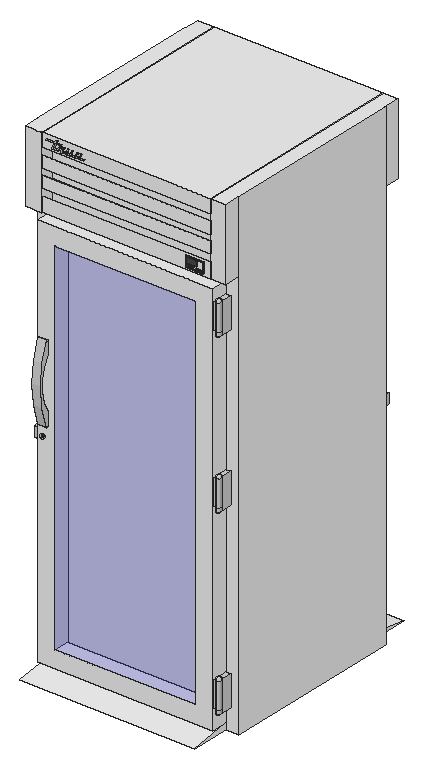
Revit family
Parameters
  Weight in Pounds = 0
  Watts = Volts * FL Amps  # 1023.5 W
  Volts = 115 V
  URL Cutsheet = "www.truemfg.com"
  URL = "www.truemfg.com"
  Type Mark [instance] = ""
  Type Comments = ""
  Status [instance] = ""
  Specification by User [instance] = ""
  Specification by Manufacturer = ""
  Show Logo [instance] = yes
  Show Clearance [instance] = yes
  Serial Number = ""
  Seismic Rating = ""
  SMACNA No = ""
  Revision Code [instance] = ""
  Phase = 1
  Omniclass Number and Title = ""
  Number of Poles [instance] = 1
  NAFEM Spec ID Number = ""
  Model = "STA1RRT-1G-1S"
  Min Ckt Ampacity = 0 A
  Max Overcurrent Protection = 0 A
  Masterspec = ""
  Manufacturer = "TRUE FOOD SERVICE EQUIPMENT, INC."
  Length = 35"
  Item Number [instance] = ""
  Installed By [instance] = ""
  Identify Quantity as Lot [instance] = yes
  Height = 83 3/4"
  HP = "1/3"
  Furnished By [instance] = ""
  Foodservice Equipment Identifier [instance] = yes
  FL Amps = 8.9 A
  Electrical Remarks [instance] = ""
  Electric Connection Type [instance] = ""
  Elec Conn RI Height [instance] = 0"
  Elec Conn Connection Height [instance] = 0"
  Description = "Roll-thru Glass Front/Solid Rear Swing Door Refrigerator"
  Depth = 37 1/2"
  Cycle = 60 Hz
  Conn Plug = "5-15P"
  Conn Conduit = yes
  CSI MasterFormat = ""
  CSI Master Format = ""
  Apparent Power = if(Phase = 3, Volts * FL Amps * 1.73, Volts * FL Amps)  # 1023.5 VA
Reference planes (in)
  plane 1 "BACK": y = 0
  plane 2: z = 0
  plane 3 "LEFT": x = 0
  plane 4 "RIGHT": x = 35
  plane 5 "FRONT": y = -37.5
  plane 6 "TOP": z = 83.75
  plane 7: x = 2.84375
  plane 8: y = -37.4542
  plane 9: x = 32.15625
  plane 10: y = -0.0458
  plane 11: y = -18.75
  plane 12: z = 69.90625
Forms (in)
  Extrusion 1, solid, material "QF_Finishes_Chrome - Satin"
    sketch origin (0.05, 0, 0) x (1, 0, 0) y (0, 1, 0)
      loop
        line (-0.05, -2.75) -> (-0.05, -34.75) -> (2.87859, -34.75) -> (2.87859, -2.75) -> (-0.05, -2.75)
    from 0 to 83.75
  Extrusion 2, solid, material "QF_Finishes_Chrome - Satin"
    sketch origin (50.15, 0, 0) x (1, 0, 0) y (0, 1, 0)
      loop
        line (-17.85, -2.75) -> (-17.85, -34.75) -> (-15.15, -34.75) -> (-15.15, -2.75) -> (-17.85, -2.75)
    from 0 to 83.75
  Extrusion 3, solid, material "QF_Finishes_Chrome - Satin"
    sketch origin (0, 0, 0) x (0, 1, 0) y (0, 0, 1)
      loop
        line (-37.4542, 71.28125) -> (-34.75, 71.28125) -> (-34.75, 0) -> (-2.75, 0) -> (-2.75, 71.28125) -> (-0.0458, 71.28125) -> (-0.0458, 73.81726) -> (-2.25, 72.25) -> (-2.25, 73.52557) -> (-0.0458, 75.09284) -> (-0.0458, 77.18904) -> (-2.25, 75.62178) -> (-2.25, 76.58254) -> (-0.0458, 78.1498) -> (-0.0458, 80.28351) -> (-2.25, 78.71625) -> (-2.25, 79.83852) -> (-0.0458, 81.40578) -> (-0.0458, 83.75) -> (-37.4542, 83.75) -> (-37.4542, 81.40578) -> (-35.25, 79.83852) -> (-35.25, 78.71625) -> (-37.4542, 80.28351) -> (-37.4542, 78.1498) -> (-35.25, 76.58254) -> (-35.25, 75.62178) -> (-37.4542, 77.18904) -> (-37.4542, 75.09284) -> (-35.25, 73.52557) -> (-35.25, 72.25) -> (-37.4542, 73.81726) -> (-37.4542, 71.28125)
    from 2.92859 to 32.3
  Extrusion 4, solid, material "QF_Finishes_Chrome - Satin"
    sketch origin (0, 0, 0) x (1, 0, 0) y (0, 1, 0)
      loop
        line (34.84782, -34.75) -> (32.3, -34.75) -> (32.3, -37.5) -> (34.84782, -37.5) -> (34.84782, -34.75)
      loop
        line (34.84782, -2.75) -> (34.84782, 0) -> (32.3, 0) -> (32.3, -2.75) -> (34.84782, -2.75)
    from 71.28125 to 83.75
  Extrusion 5, solid, material "QF_Finishes_Chrome - Satin"
    sketch origin (-50.125, 0, 0.25) x (1, 0, 0) y (0, 1, 0)
      loop
        line (53.05359, -34.75) -> (50.24109, -34.75) -> (50.24109, -37.5) -> (53.05359, -37.5) -> (53.05359, -34.75)
      loop
        line (53.05359, -2.75) -> (53.05359, 0) -> (50.24109, 0) -> (50.24109, -2.75) -> (53.05359, -2.75)
    from 71.03125 to 83.5
  Extrusion 6, solid, material "QF_Finishes_Handrails and Railings", visible <- "Show Logo"
    sketch origin (0.33478, -2.68623, 4.98732) x (1, 0, 0) y (0, 0, 1)
      loop
        line (3.46044, 78.08731) -> (3.35478, 77.86073) -> (4.76027, 77.86073)
        arc (4.76027, 77.86073) -> (4.78879, 77.81028) -> (4.76027, 77.75984) r 0.05887
        line (4.76027, 77.75984) -> (4.39369, 76.97372)
        arc (4.39369, 76.97372) -> (4.39051, 76.90091) -> (4.43975, 76.84717) r 0.09523
        line (4.43975, 76.84717) -> (5.33844, 76.84717)
        arc (5.33844, 76.84717) -> (5.45192, 76.88295) -> (5.52436, 76.97735) r 0.19785
        line (5.52436, 76.97735) -> (5.81285, 77.59601) -> (6.0779, 77.59601)
        arc (6.0779, 77.59601) -> (6.14744, 77.57043) -> (6.13737, 77.49703) r 0.05911
        line (6.13737, 77.49703) -> (5.89598, 76.97937)
        arc (5.89598, 76.97937) -> (5.89974, 76.8934) -> (5.97231, 76.84717) r 0.09318
        line (5.97231, 76.84717) -> (6.76198, 76.84717)
        arc (6.76198, 76.84717) -> (6.82249, 76.86919) -> (6.85468, 76.92495) r 0.09412
        arc (6.85468, 76.92495) -> (6.87746, 76.86995) -> (6.93246, 76.84717) r 0.07778
        line (6.93246, 76.84717) -> (7.43246, 76.84717)
        arc (7.43246, 76.84717) -> (7.49022, 76.86265) -> (7.53251, 76.90493) r 0.11552
        arc (7.53251, 76.90493) -> (7.55275, 76.85606) -> (7.60162, 76.83581) r 0.06912
        line (7.60162, 76.83581) -> (8.31225, 76.83581)
        arc (8.31225, 76.83581) -> (8.37034, 76.85988) -> (8.39441, 76.91797) r 0.08216
        arc (8.39441, 76.91797) -> (8.44767, 76.86472) -> (8.52042, 76.84522) r 0.14551
        line (8.52042, 76.84522) -> (9.85158, 76.84522) -> (9.99946, 77.10134) -> (8.65678, 77.10134)
        arc (8.65678, 77.10134) -> (8.61972, 77.12704) -> (8.61834, 77.17211) r 0.05009
        line (8.61834, 77.17211) -> (8.64157, 77.22192)
        arc (8.64157, 77.22192) -> (8.67723, 77.26864) -> (8.73327, 77.28635) r 0.09747
        line (8.73327, 77.28635) -> (9.16485, 77.28635)
        arc (9.16485, 77.28635) -> (9.258, 77.31131) -> (9.32619, 77.3795) r 0.1863
        line (9.32619, 77.3795) -> (9.45119, 77.59601)
        arc (9.45119, 77.59601) -> (9.45119, 77.71157) -> (9.35111, 77.76934) r 0.11556
        line (9.35111, 77.76934) -> (8.89562, 77.76934)
        arc (8.89562, 77.76934) -> (8.7795, 77.74962) -> (8.69849, 77.66412) r 0.18605
        line (8.69849, 77.66412) -> (8.48204, 77.19993)
        arc (8.48204, 77.19993) -> (8.41815, 77.11667) -> (8.31806, 77.08511) r 0.1745
        line (8.31806, 77.08511) -> (7.84559, 77.08511)
        arc (7.84559, 77.08511) -> (7.78903, 77.14684) -> (7.79268, 77.23048) r 0.10939
        line (7.79268, 77.23048) -> (8.04395, 77.76934) -> (7.88403, 77.76934) -> (7.61781, 77.19844)
        arc (7.61781, 77.19844) -> (7.56609, 77.13103) -> (7.48505, 77.10548) r 0.14128
        line (7.48505, 77.10548) -> (7.15925, 77.10548)
        arc (7.15925, 77.10548) -> (7.10419, 77.17723) -> (7.116, 77.26689) r 0.11816
        line (7.116, 77.26689) -> (7.3503, 77.76934) -> (7.18514, 77.76934) -> (6.91546, 77.191)
        arc (6.91546, 77.191) -> (6.85285, 77.12839) -> (6.76733, 77.10548) r 0.17104
        line (6.76733, 77.10548) -> (6.29555, 77.10548)
        arc (6.29555, 77.10548) -> (6.21082, 77.14499) -> (6.20267, 77.23813) r 0.0935
        line (6.20267, 77.23813) -> (6.35774, 77.57069) -> (6.57695, 77.57069)
        arc (6.57695, 77.57069) -> (6.61395, 77.68217) -> (6.69267, 77.76934) r 0.2857
        line (6.69267, 77.76934) -> (5.83605, 77.76934)
        arc (5.83605, 77.76934) -> (5.74086, 77.74824) -> (5.67498, 77.67635) r 0.16212
        line (5.67498, 77.67635) -> (5.44279, 77.17841)
        arc (5.44279, 77.17841) -> (5.3894, 77.12502) -> (5.31647, 77.10548) r 0.14586
        line (5.31647, 77.10548) -> (4.80506, 77.10548)
        arc (4.80506, 77.10548) -> (4.76514, 77.15942) -> (4.77274, 77.22609) r 0.09155
        line (4.77274, 77.22609) -> (5.11018, 77.86073) -> (5.96155, 77.86073) -> (6.06721, 78.08731) -> (5.21584, 78.08731) -> (5.32149, 78.31388) -> (5.01862, 78.31388) -> (4.91297, 78.08731) -> (3.46044, 78.08731)
      loop
        arc (8.83805, 77.56363) -> (8.80119, 77.55375) -> (8.7742, 77.52676) r 0.07373
        line (8.7742, 77.52676) -> (8.75229, 77.45936)
        arc (8.75229, 77.45936) -> (8.76245, 77.43483) -> (8.78699, 77.42466) r 0.0347
        line (8.78699, 77.42466) -> (9.15948, 77.42466)
        arc (9.15948, 77.42466) -> (9.18632, 77.43061) -> (9.20812, 77.44734) r 0.0635
        line (9.20812, 77.44734) -> (9.22624, 77.53122)
        arc (9.22624, 77.53122) -> (9.22091, 77.55368) -> (9.20009, 77.56363) r 0.02676
        line (9.20009, 77.56363) -> (8.83805, 77.56363)
    from 34.76797 to 34.83173
  Extrusion 7, solid, material "QF_Finishes_White"
    sketch origin (-22.74812, -2.7042, -7.97497) x (1, 0, 0) y (0, 0, 1)
      loop
        line (50.81732, 81.35727) -> (50.81732, 79.60996) -> (53.72357, 79.60996) -> (53.72357, 81.35727) -> (50.81732, 81.35727)
    from 34.75 to 34.76797
  Extrusion 8, solid, material "QF_Finishes_Black"
    sketch origin (-22.74812, -2.7042, -7.97497) x (1, 0, 0) y (0, 0, 1)
      loop
        line (53.78607, 81.41977) -> (50.75482, 81.41977) -> (50.75482, 79.54746) -> (53.78607, 79.54746) -> (53.78607, 81.41977)
      loop
        spline (50.95482, 79.87872) -> (50.96333, 79.86254) -> (50.98831, 79.84747) -> (51.02804, 79.83452) -> (51.07982, 79.82459) -> (51.14011, 79.81835) -> (51.20482, 79.81622) -> (51.26952, 79.81835) -> (51.32982, 79.82459) -> (51.38159, 79.83452) -> (51.42132, 79.84747) -> (51.4463, 79.86254) -> (51.45482, 79.87872)
        spline (51.45482, 79.87872) -> (51.4463, 79.89489) -> (51.42132, 79.90997) -> (51.38159, 79.92291) -> (51.32982, 79.93284) -> (51.26952, 79.93909) -> (51.20482, 79.94122) -> (51.14011, 79.93909) -> (51.07982, 79.93284) -> (51.02804, 79.92291) -> (50.98831, 79.90997) -> (50.96333, 79.89489) -> (50.95482, 79.87872)
      loop
        spline (51.65083, 79.87872) -> (51.65935, 79.86254) -> (51.68432, 79.84747) -> (51.72405, 79.83452) -> (51.77583, 79.82459) -> (51.83612, 79.81835) -> (51.90083, 79.81622) -> (51.96553, 79.81835) -> (52.02583, 79.82459) -> (52.07761, 79.83452) -> (52.11734, 79.84747) -> (52.14231, 79.86254) -> (52.15083, 79.87872)
        spline (52.15083, 79.87872) -> (52.14231, 79.89489) -> (52.11734, 79.90997) -> (52.07761, 79.92291) -> (52.02583, 79.93284) -> (51.96553, 79.93909) -> (51.90083, 79.94122) -> (51.83612, 79.93909) -> (51.77583, 79.93284) -> (51.72405, 79.92291) -> (51.68432, 79.90997) -> (51.65935, 79.89489) -> (51.65083, 79.87872)
      loop
        spline (52.40083, 79.87872) -> (52.40935, 79.86254) -> (52.43432, 79.84747) -> (52.47405, 79.83452) -> (52.52583, 79.82459) -> (52.58612, 79.81835) -> (52.65083, 79.81622) -> (52.71553, 79.81835) -> (52.77583, 79.82459) -> (52.82761, 79.83452) -> (52.86734, 79.84747) -> (52.89231, 79.86254) -> (52.90083, 79.87872)
        spline (52.90083, 79.87872) -> (52.89231, 79.89489) -> (52.86734, 79.90997) -> (52.82761, 79.92291) -> (52.77583, 79.93284) -> (52.71553, 79.93909) -> (52.65083, 79.94122) -> (52.58612, 79.93909) -> (52.52583, 79.93284) -> (52.47405, 79.92291) -> (52.43432, 79.90997) -> (52.40935, 79.89489) -> (52.40083, 79.87872)
      loop
        line (50.95481, 81.21978) -> (50.95481, 80.21978) -> (52.65433, 80.21978) -> (52.65433, 81.21978) -> (50.95481, 81.21978)
      loop
        line (53.72357, 81.35727) -> (50.81732, 81.35727) -> (50.81732, 79.60996) -> (53.72357, 79.60996) -> (53.72357, 81.35727)
      loop
        spline (53.15083, 79.87872) -> (53.15935, 79.86254) -> (53.18432, 79.84747) -> (53.22405, 79.83452) -> (53.27583, 79.82459) -> (53.33612, 79.81835) -> (53.40083, 79.81622) -> (53.46553, 79.81835) -> (53.52583, 79.82459) -> (53.57761, 79.83452) -> (53.61734, 79.84747) -> (53.64231, 79.86254) -> (53.65083, 79.87872)
        spline (53.65083, 79.87872) -> (53.64231, 79.89489) -> (53.61734, 79.90997) -> (53.57761, 79.92291) -> (53.52583, 79.93284) -> (53.46553, 79.93909) -> (53.40083, 79.94122) -> (53.33612, 79.93909) -> (53.27583, 79.93284) -> (53.22405, 79.92291) -> (53.18432, 79.90997) -> (53.15935, 79.89489) -> (53.15083, 79.87872)
    from 34.76797 to 34.80335
  Extrusion 9, solid
    sketch origin (-25.125, 0, 0) x (1, 0, 0) y (0, 0, 1)
      loop
        circle (56.875, 81.625) r 0.25
    from 0 to 0.0625
  Extrusion 10, solid, material "QF_Finishes_Handrails and Railings"
    sketch origin (33.78125, 0, 3.75) x (0, 1, 0) y (0, 0, -1)
      loop
        line (-34.75, -64.17729) -> (-34.75, -58.86127) -> (-37, -58.86127) -> (-37, -59.57348) -> (-36.56497, -59.57348) -> (-36.56497, -63.97276)
        arc (-36.56497, -63.97276) -> (-36.50506, -64.11738) -> (-36.36044, -64.17729) r 0.20453
        line (-36.36044, -64.17729) -> (-34.75, -64.17729)
    from 0.17506 to 1
  Revolve 11, solid, material "QF_Finishes_Handrails and Railings"
    sketch origin (33.28125, 0, 3.75) x (0, 1, 0) y (0, 0, -1)
      loop
        line (-37.01563, -59.62689) -> (-37.42229, -59.62689) -> (-37.42229, -64.0986)
        arc (-37.42229, -64.0986) -> (-37.28722, -64.35057) -> (-37.01563, -64.43983) r 0.3848
        line (-37.01563, -64.43983) -> (-37.01563, -59.62689)
      loop
        line (-37.01563, -59.57348) -> (-37.01563, -58.67281)
        arc (-37.01563, -58.67281) -> (-37.28264, -58.75883) -> (-37.42229, -59.00212) r 0.38884
        line (-37.42229, -59.00212) -> (-37.42229, -59.57348) -> (-37.01563, -59.57348)
      axis (-37.01563, -58.67281) -> (-37.01563, -64.43983)
    angle from 0 to 360
  Extrusion 12, solid, material "QF_Finishes_Handrails and Railings"
    sketch origin (27.5, -3.82734, 3.7511) x (-1, 0, 0) y (0, 0, -1)
      loop
        line (-5.58509, -64.0986) -> (-5.1875, -64.0986) -> (-5.1875, -59.62579) -> (-5.58509, -59.62579) -> (-5.58509, -64.0986)
    from 32.81497 to 33.59495
  Extrusion 13, solid, material "QF_Finishes_Handrails and Railings"
    sketch origin (33.78125, 0, -24) x (0, 1, 0) y (0, 0, -1)
      loop
        line (-34.75, -64.55229) -> (-34.75, -59.23627) -> (-37, -59.23627) -> (-37, -59.94848) -> (-36.56497, -59.94848) -> (-36.56497, -64.34776)
        arc (-36.56497, -64.34776) -> (-36.50506, -64.49238) -> (-36.36044, -64.55229) r 0.20453
        line (-36.36044, -64.55229) -> (-34.75, -64.55229)
    from 0.17506 to 1
  Revolve 14, solid, material "QF_Finishes_Handrails and Railings"
    sketch origin (33.28125, 0, -24) x (0, 1, 0) y (0, 0, -1)
      loop
        line (-37.01563, -60.00189) -> (-37.42229, -60.00189) -> (-37.42229, -64.4736)
        arc (-37.42229, -64.4736) -> (-37.28722, -64.72557) -> (-37.01563, -64.81483) r 0.3848
        line (-37.01563, -64.81483) -> (-37.01563, -60.00189)
      loop
        line (-37.01563, -59.94848) -> (-37.01563, -59.04781)
        arc (-37.01563, -59.04781) -> (-37.28264, -59.13383) -> (-37.42229, -59.37712) r 0.38884
        line (-37.42229, -59.37712) -> (-37.42229, -59.94848) -> (-37.01563, -59.94848)
      axis (-37.01563, -59.04781) -> (-37.01563, -64.81483)
    angle from 0 to 360
  Extrusion 15, solid, material "QF_Finishes_Handrails and Railings"
    sketch origin (27.5, -3.82734, -23.9989) x (-1, 0, 0) y (0, 0, -1)
      loop
        line (-5.58509, -64.4736) -> (-5.1875, -64.4736) -> (-5.1875, -60.00079) -> (-5.58509, -60.00079) -> (-5.58509, -64.4736)
    from 32.81497 to 33.59495
  Extrusion 16, solid, material "QF_Finishes_Handrails and Railings"
    sketch origin (33.78125, 0, -55.5) x (0, 1, 0) y (0, 0, -1)
      loop
        line (-34.75, -64.55229) -> (-34.75, -59.23627) -> (-37, -59.23627) -> (-37, -59.94848) -> (-36.56497, -59.94848) -> (-36.56497, -64.34776)
        arc (-36.56497, -64.34776) -> (-36.50506, -64.49238) -> (-36.36044, -64.55229) r 0.20453
        line (-36.36044, -64.55229) -> (-34.75, -64.55229)
    from 0.17506 to 1
  Revolve 17, solid, material "QF_Finishes_Handrails and Railings"
    sketch origin (33.28125, 0, -55.5) x (0, 1, 0) y (0, 0, -1)
      loop
        line (-37.01563, -60.00189) -> (-37.42229, -60.00189) -> (-37.42229, -64.4736)
        arc (-37.42229, -64.4736) -> (-37.28722, -64.72557) -> (-37.01563, -64.81483) r 0.3848
        line (-37.01563, -64.81483) -> (-37.01563, -60.00189)
      loop
        line (-37.01563, -59.94848) -> (-37.01563, -59.04781)
        arc (-37.01563, -59.04781) -> (-37.28264, -59.13383) -> (-37.42229, -59.37712) r 0.38884
        line (-37.42229, -59.37712) -> (-37.42229, -59.94848) -> (-37.01563, -59.94848)
      axis (-37.01563, -59.04781) -> (-37.01563, -64.81483)
    angle from 0 to 360
  Extrusion 18, solid, material "QF_Finishes_Handrails and Railings"
    sketch origin (27.5, -3.82734, -55.4989) x (-1, 0, 0) y (0, 0, -1)
      loop
        line (-5.58509, -64.4736) -> (-5.1875, -64.4736) -> (-5.1875, -60.00079) -> (-5.58509, -60.00079) -> (-5.58509, -64.4736)
    from 32.81497 to 33.59495
  Extrusion 19, solid, material "QF_Finishes_Door Clearance", visible <- "Show Clearance", detail levels coarse
    sketch origin (26.42841, -3.6098, 0) x (1, 0, 0) y (0, 1, 0)
      loop
        line (6.32159, -33.8902) -> (-24.14716, -33.8902)
        arc (-24.14716, -33.8902) -> (-15.22307, -55.43486) -> (6.32159, -64.35895) r 30.46875
        line (6.32159, -64.35895) -> (6.32159, -33.8902)
    from 1 to 69.90625
  Extrusion 20, solid, material "QF_Finishes_Chrome - Satin"
    sketch origin (32.6875, -3.75, 8.03125) x (0, 0, 1) y (0, -1, 0)
      loop
        line (-8.03125, 37.6875) -> (-8.03125, 31) -> (-7.03125, 31) -> (-8.03125, 37.6875)
    from 0 to -30.40625
  Extrusion 21, solid, material "QF_Finishes_Chrome - Satin"
    sketch origin (59.96875, -33.75, -0.71875) x (-1, 0, 0) y (0, 0, 1)
      loop
        line (27.25, 1.71875) -> (57.65625, 1.71875) -> (57.65625, 70.625) -> (27.25, 70.625) -> (27.25, 1.71875)
    from 31 to 33.75
  Extrusion 22, solid, material "QF_Finishes_Handrails and Railings"
    sketch origin (-23.625, -37.25, 24.93519) x (-1, 0, 0) y (0, -1, 0)
      loop
        line (-53.875, -37.25) -> (-53.875, -37.45)
        arc (-53.875, -37.45) -> (-47.075, -38.65628) -> (-40.275, -37.45) r 19.76948
        line (-40.275, -37.45) -> (-40.275, -37.25) -> (-42.675, -37.25)
        arc (-42.675, -37.25) -> (-47.075, -38.40816) -> (-51.475, -37.25) r 8.93715
        line (-51.475, -37.25) -> (-53.875, -37.25)
    from 10.87731 to 12.37731
  Extrusion 23, solid, material "QF_Finishes_Handrails and Railings"
    sketch origin (58.375, -33.66533, -3.5) x (-1, 0, 0) y (0, 0, 1)
      loop
        circle (26.4375, 40.0625) r 0.35
      loop
        line (26.47265, 40.33635) -> (26.41715, 40.33635) -> (26.41715, 39.76895) -> (26.47265, 39.76895) -> (26.47265, 40.33635)
    from 33.5 to 33.83066
  Blend 24, solid, material "QF_Finishes_Handrails and Railings"
    base sketch origin (7.46875, -33.75, -1.5) x (1, 0, 0) y (0, 0, -1)
      loop
        line (25.25, -38.99169) -> (26, -38.99169) -> (26, -37.24169) -> (25.25, -37.24169) -> (25.25, -38.99169)
    top sketch origin (7.46875, -37.5, -1.5) x (1, 0, 0) y (0, 0, -1)
      loop
        line (26.18223, -36.6441) -> (25.25, -36.6441) -> (25.25, -39.42643) -> (26.18223, -39.42643) -> (26.18223, -36.6441)
    from 33.57883 to 34.75
  Extrusion 25, solid, material "QF_Finishes_Handrails and Railings"
    sketch origin (1.21875, -37.5, 3.75) x (0, -1, 0) y (0, 0, -1)
      loop
        line (-34.75, -64.17729) -> (-34.75, -58.86127) -> (-37, -58.86127) -> (-37, -59.57348) -> (-36.56497, -59.57348) -> (-36.56497, -63.97276)
        arc (-36.56497, -63.97276) -> (-36.50506, -64.11738) -> (-36.36044, -64.17729) r 0.20453
        line (-36.36044, -64.17729) -> (-34.75, -64.17729)
    from 0.17506 to 1
  Revolve 26, solid, material "QF_Finishes_Handrails and Railings"
    sketch origin (1.71875, -37.5, 3.75) x (0, -1, 0) y (0, 0, -1)
      loop
        line (-37.01563, -59.62689) -> (-37.42229, -59.62689) -> (-37.42229, -64.0986)
        arc (-37.42229, -64.0986) -> (-37.28722, -64.35057) -> (-37.01563, -64.43983) r 0.3848
        line (-37.01563, -64.43983) -> (-37.01563, -59.62689)
      loop
        line (-37.01563, -59.57348) -> (-37.01563, -58.67281)
        arc (-37.01563, -58.67281) -> (-37.28264, -58.75883) -> (-37.42229, -59.00212) r 0.38884
        line (-37.42229, -59.00212) -> (-37.42229, -59.57348) -> (-37.01563, -59.57348)
      axis (-37.01563, -58.67281) -> (-37.01563, -64.43983)
    angle from 0 to 360
  Extrusion 27, solid, material "QF_Finishes_Handrails and Railings"
    sketch origin (7.5, -33.67266, 3.7511) x (1, 0, 0) y (0, 0, -1)
      loop
        line (-5.58509, -64.0986) -> (-5.1875, -64.0986) -> (-5.1875, -59.62579) -> (-5.58509, -59.62579) -> (-5.58509, -64.0986)
    from 32.81497 to 33.59495
  Extrusion 28, solid, material "QF_Finishes_Handrails and Railings"
    sketch origin (1.21875, -37.5, -24) x (0, -1, 0) y (0, 0, -1)
      loop
        line (-34.75, -64.55229) -> (-34.75, -59.23627) -> (-37, -59.23627) -> (-37, -59.94848) -> (-36.56497, -59.94848) -> (-36.56497, -64.34776)
        arc (-36.56497, -64.34776) -> (-36.50506, -64.49238) -> (-36.36044, -64.55229) r 0.20453
        line (-36.36044, -64.55229) -> (-34.75, -64.55229)
    from 0.17506 to 1
  Revolve 29, solid, material "QF_Finishes_Handrails and Railings"
    sketch origin (1.71875, -37.5, -24) x (0, -1, 0) y (0, 0, -1)
      loop
        line (-37.01563, -60.00189) -> (-37.42229, -60.00189) -> (-37.42229, -64.4736)
        arc (-37.42229, -64.4736) -> (-37.28722, -64.72557) -> (-37.01563, -64.81483) r 0.3848
        line (-37.01563, -64.81483) -> (-37.01563, -60.00189)
      loop
        line (-37.01563, -59.94848) -> (-37.01563, -59.04781)
        arc (-37.01563, -59.04781) -> (-37.28264, -59.13383) -> (-37.42229, -59.37712) r 0.38884
        line (-37.42229, -59.37712) -> (-37.42229, -59.94848) -> (-37.01563, -59.94848)
      axis (-37.01563, -59.04781) -> (-37.01563, -64.81483)
    angle from 0 to 360
  Extrusion 30, solid, material "QF_Finishes_Handrails and Railings"
    sketch origin (7.5, -33.67266, -23.9989) x (1, 0, 0) y (0, 0, -1)
      loop
        line (-5.58509, -64.4736) -> (-5.1875, -64.4736) -> (-5.1875, -60.00079) -> (-5.58509, -60.00079) -> (-5.58509, -64.4736)
    from 32.81497 to 33.59495
  Extrusion 31, solid, material "QF_Finishes_Handrails and Railings"
    sketch origin (1.21875, -37.5, -55.5) x (0, -1, 0) y (0, 0, -1)
      loop
        line (-34.75, -64.55229) -> (-34.75, -59.23627) -> (-37, -59.23627) -> (-37, -59.94848) -> (-36.56497, -59.94848) -> (-36.56497, -64.34776)
        arc (-36.56497, -64.34776) -> (-36.50506, -64.49238) -> (-36.36044, -64.55229) r 0.20453
        line (-36.36044, -64.55229) -> (-34.75, -64.55229)
    from 0.17506 to 1
  Revolve 32, solid, material "QF_Finishes_Handrails and Railings"
    sketch origin (1.71875, -37.5, -55.5) x (0, -1, 0) y (0, 0, -1)
      loop
        line (-37.01563, -60.00189) -> (-37.42229, -60.00189) -> (-37.42229, -64.4736)
        arc (-37.42229, -64.4736) -> (-37.28722, -64.72557) -> (-37.01563, -64.81483) r 0.3848
        line (-37.01563, -64.81483) -> (-37.01563, -60.00189)
      loop
        line (-37.01563, -59.94848) -> (-37.01563, -59.04781)
        arc (-37.01563, -59.04781) -> (-37.28264, -59.13383) -> (-37.42229, -59.37712) r 0.38884
        line (-37.42229, -59.37712) -> (-37.42229, -59.94848) -> (-37.01563, -59.94848)
      axis (-37.01563, -59.04781) -> (-37.01563, -64.81483)
    angle from 0 to 360
  Extrusion 33, solid, material "QF_Finishes_Handrails and Railings"
    sketch origin (7.5, -33.67266, -55.4989) x (1, 0, 0) y (0, 0, -1)
      loop
        line (-5.58509, -64.4736) -> (-5.1875, -64.4736) -> (-5.1875, -60.00079) -> (-5.58509, -60.00079) -> (-5.58509, -64.4736)
    from 32.81497 to 33.59495
  Extrusion 34, solid, material "QF_Finishes_Door Clearance", visible <- "Show Clearance", detail levels coarse
    sketch origin (8.57159, -33.8902, 0) x (-1, 0, 0) y (0, -1, 0)
      loop
        line (6.32159, -33.8902) -> (-24.14716, -33.8902)
        arc (-24.14716, -33.8902) -> (-15.22307, -55.43486) -> (6.32159, -64.35895) r 30.46875
        line (6.32159, -64.35895) -> (6.32159, -33.8902)
    from 1 to 69.90625
  Extrusion 35, solid, material "QF_Finishes_Chrome - Satin"
    sketch origin (2.3125, -33.75, 8.03125) x (0, 0, 1) y (0, 1, 0)
      loop
        line (-8.03125, 37.6875) -> (-8.03125, 31) -> (-7.03125, 31) -> (-8.03125, 37.6875)
    from 0 to -30.40625
  Extrusion 36, solid, material "QF_Finishes_Chrome - Satin"
    sketch origin (-24.96875, -3.75, -0.71875) x (1, 0, 0) y (0, 0, 1)
      loop
        line (27.25, 1.71875) -> (57.65625, 1.71875) -> (57.65625, 70.625) -> (27.25, 70.625) -> (27.25, 1.71875)
      loop
        line (30.25, 67.625) -> (30.25, 4.71875) -> (54.65625, 4.71875) -> (54.65625, 67.625) -> (30.25, 67.625)
    from 31 to 33.75
  Extrusion 37, solid, material "QF_Finishes_Handrails and Railings"
    sketch origin (-8.46528, -0.25, 92.11162) x (0, 1, 0) y (0, 0, 1)
      loop
        line (-37.25, -53.875) -> (-37.25, -51.475)
        arc (-37.25, -51.475) -> (-38.40816, -47.075) -> (-37.25, -42.675) r 8.93713
        line (-37.25, -42.675) -> (-37.25, -40.275) -> (-37.45, -40.275)
        arc (-37.45, -40.275) -> (-38.65633, -47.075) -> (-37.45, -53.875) r 19.7687
        line (-37.45, -53.875) -> (-37.25, -53.875)
    from 10.87731 to 12.37731
  Extrusion 38, solid, material "QF_Finishes_Handrails and Railings"
    sketch origin (-23.3125, -3.83467, -3.5) x (1, 0, 0) y (0, 0, 1)
      loop
        circle (26.4375, 40.0625) r 0.35
      loop
        line (26.47265, 40.33635) -> (26.41715, 40.33635) -> (26.41715, 39.76895) -> (26.47265, 39.76895) -> (26.47265, 40.33635)
    from 33.5 to 33.83066
  Blend 39, solid, material "QF_Finishes_Handrails and Railings"
    base sketch origin (27.53125, -3.75, -1.5) x (-1, 0, 0) y (0, 0, -1)
      loop
        line (25.25, -38.99169) -> (26, -38.99169) -> (26, -37.24169) -> (25.25, -37.24169) -> (25.25, -38.99169)
    top sketch origin (27.53125, 0, -1.5) x (-1, 0, 0) y (0, 0, -1)
      loop
        line (26.18223, -36.6441) -> (25.25, -36.6441) -> (25.25, -39.42643) -> (26.18223, -39.42643) -> (26.18223, -36.6441)
    from 33.57883 to 34.75
  Extrusion 40, solid, material "Glass"
    sketch origin (-24.96875, -3.75, -0.71875) x (1, 0, 0) y (0, 0, 1)
      loop
        line (30.25, 67.625) -> (30.25, 4.71875) -> (54.65625, 4.71875) -> (54.65625, 67.625) -> (30.25, 67.625)
    from 31 to 33.75
Cuts and joins
  joined: Extrusion 1, Extrusion 2, Extrusion 4, Extrusion 5
Lines and regions (in)
  symbolic lines
    curve 1: line (0, 0, 0) -> (35, 0, 0)
    curve 2: line (0, -37.5, 0) -> (0, 0, 0)
    curve 3: line (35, -37.5, 0) -> (0, -37.5, 0)
    curve 4: line (35, 0, 0) -> (35, -37.5, 0)
    curve 5: line (35, -35.25, 0) -> (0, -35.25, 0)
    curve 10: line (16.65, 0.2, 0) -> (16.65, 0, 0)
    curve 11: line (30.25, 0, 0) -> (30.25, 0.2, 0)
    curve 12: arc (19.05, 0, 0) -> (23.45, 1.15816, 0) -> (27.85, 0, 0) r 8.93715
    curve 13: arc (30.25, 0.2, 0) -> (23.45, 1.40628, 0) -> (16.65, 0.2, 0) r 19.76948
    curve 14: line (35, -2.25, 0) -> (0, -2.25, 0)
    curve 15: line (3.91203, -38.90633, 0) -> (3.91203, -37.5, 0)
    curve 16: line (3.91203, -38.90633, 0) -> (2.41203, -38.90633, 0)
    curve 17: line (2.41203, -37.5, 0) -> (2.41203, -38.90633, 0)
    curve 18: line (2.41203, -37.7, 0) -> (3.91203, -37.7, 0)
  symbolic lines, style "QF-Door Swings", visible <- "Show Clearance", detail levels coarse
    curve 6: line (32.75, -37.5, 0) -> (32.75, -67.96875, 0)
    curve 7: arc (32.75, -67.96875, 0) -> (11.20534, -59.04466, 0) -> (2.28125, -37.5, 0) r 30.46875
    curve 8: line (2.25, 0, 0) -> (2.25, 30.46875, 0)
    curve 9: arc (2.25, 30.46875, 0) -> (23.79466, 21.54466, 0) -> (32.71875, 0, 0) r 30.46875
Dimensions and locks (in)
  "Depth": plane 5 "FRONT" to plane 1 "BACK"
  plane 6 "TOP" to level = 83 3/4"  (x2)
  "Length": plane 3 "LEFT" to plane 4 "RIGHT"
  plane 4 "RIGHT" to plane 3 "LEFT" = 35"
  plane 5 "FRONT" to plane 1 "BACK" = 37 1/2"
  Extrusion 21 sketch curve to Extrusion 21 sketch curve = 30 13/32"
  plane 12 to level = 69 29/32"
  Extrusion 36 sketch curve to Extrusion 36 sketch curve = 30 13/32"
  aligned and locked: level to plane 2
Automatic sketch dimensions
  Extrusion 35 sketch curve to Extrusion 21 = 0"
  Extrusion 35 sketch curve to Extrusion 35 sketch curve = 1"
  Extrusion 35 sketch curve to Extrusion 21 = 3 15/16"
  Extrusion 1 sketch curve to plane 3 "LEFT" = 0"
  plane 1 "BACK" to Extrusion 1 sketch curve = 2 3/4"
  plane 7 to Extrusion 1 sketch curve = 0.08484"
  Extrusion 1 sketch curve to plane 5 "FRONT" = 2 3/4"
  plane 1 "BACK" to Extrusion 2 sketch curve = 2 3/4"
  Extrusion 2 sketch curve to plane 4 "RIGHT" = 0"
  Extrusion 2 sketch curve to plane 9 = 0.14375"
  Extrusion 2 sketch curve to plane 5 "FRONT" = 2 3/4"
  Extrusion 3 sketch curve to plane 8 = 0"  (x4)
  Extrusion 3 sketch curve to level = 0"
  Extrusion 3 sketch curve to plane 10 = 0"  (x4)
  Extrusion 3 sketch curve to plane 6 "TOP" = 0"
  plane 8 to Extrusion 3 sketch curve = 2.2042"
  Extrusion 3 sketch curve to Extrusion 3 sketch curve = 0"  (x3)
  plane 8 to Extrusion 3 sketch curve = 2.7042"
  Extrusion 3 sketch curve to Extrusion 3 sketch curve = 2.7042"
  plane 10 to Extrusion 3 sketch curve = 2.2042"
  Extrusion 3 sketch curve to Extrusion 3 sketch curve = 1/2"
  Extrusion 3 sketch curve to plane 6 "TOP" = 12 15/32"  (x2)
  Extrusion 3 sketch curve to Extrusion 3 sketch curve = 31/32"  (x2)
  Extrusion 3 sketch curve to Extrusion 3 sketch curve = 1.27557"  (x4)
  Extrusion 3 sketch curve to Extrusion 3 sketch curve = 0.29169"  (x2)
  Extrusion 3 sketch curve to Extrusion 3 sketch curve = 2.0962"  (x4)
  Extrusion 3 sketch curve to Extrusion 3 sketch curve = 0.96076"  (x4)
  Extrusion 3 sketch curve to Extrusion 3 sketch curve = 2.13371"  (x4)
  Extrusion 3 sketch curve to Extrusion 3 sketch curve = 1.12227"  (x4)
  plane 7 to Extrusion 6 sketch curve = 0.84582"
  Extrusion 6 sketch curve to Extrusion 6 sketch curve = 0.10565"  (x5)
  Extrusion 6 sketch curve to Extrusion 6 sketch curve = 1.03891"
  Extrusion 6 sketch curve to Extrusion 6 sketch curve = 0.04606"
  Extrusion 6 sketch curve to Extrusion 6 sketch curve = 0.08631"
  Extrusion 6 sketch curve to Extrusion 6 sketch curve = 0.33624"
  Extrusion 6 sketch curve to Extrusion 6 sketch curve = 0.03034"  (x2)
  Extrusion 6 sketch curve to Extrusion 6 sketch curve = 0.29274"
  Extrusion 6 sketch curve to Extrusion 6 sketch curve = 0.03232"
  Extrusion 6 sketch curve to Extrusion 6 sketch curve = 0.04851"
  Extrusion 6 sketch curve to plane 6 "TOP" = 0.67537"
  Extrusion 6 sketch curve to Extrusion 6 sketch curve = 0.1527"
  Extrusion 6 sketch curve to plane 6 "TOP" = 0.4488"
  Extrusion 6 sketch curve to Extrusion 6 sketch curve = 0.19721"
  Extrusion 6 sketch curve to Extrusion 6 sketch curve = 0.4629"
  Extrusion 6 sketch curve to Extrusion 6 sketch curve = 0.02197"
  Extrusion 6 sketch curve to Extrusion 6 sketch curve = 0.12632"
  Extrusion 6 sketch curve to Extrusion 6 sketch curve = 0.18591"
  Extrusion 6 sketch curve to plane 6 "TOP" = 1.08633"
  Extrusion 6 sketch curve to Extrusion 6 sketch curve = 0.2322"
  Extrusion 6 sketch curve to Extrusion 6 sketch curve = 0.13786"
  Extrusion 6 sketch curve to Extrusion 6 sketch curve = 0.00907"
  Extrusion 6 sketch curve to Extrusion 6 sketch curve = 0.01413"
  Extrusion 6 sketch curve to Extrusion 6 sketch curve = 0.37162"
  Extrusion 6 sketch curve to plane 6 "TOP" = 0.90195"
  Extrusion 6 sketch curve to Extrusion 6 sketch curve = 0.12551"
  Extrusion 6 sketch curve to Extrusion 6 sketch curve = 0.07633"
  Extrusion 6 sketch curve to Extrusion 6 sketch curve = 0.08445"
  Extrusion 6 sketch curve to Extrusion 6 sketch curve = 0.25598"
  Extrusion 6 sketch curve to Extrusion 6 sketch curve = 0.01887"
  Extrusion 6 sketch curve to Extrusion 6 sketch curve = 0.04061"
  Extrusion 6 sketch curve to plane 6 "TOP" = 1.52455"
  Extrusion 6 sketch curve to Extrusion 6 sketch curve = 0.0653"
  Extrusion 6 sketch curve to Extrusion 6 sketch curve = 0.08474"
  Extrusion 6 sketch curve to Extrusion 6 sketch curve = 0.00815"
  Extrusion 6 sketch curve to Extrusion 6 sketch curve = 0.22037"
  Extrusion 6 sketch curve to Extrusion 6 sketch curve = 0.21921"
  Extrusion 6 sketch curve to Extrusion 6 sketch curve = 0.11572"
  Extrusion 6 sketch curve to Extrusion 6 sketch curve = 0.46643"
  Extrusion 6 sketch curve to Extrusion 6 sketch curve = 0.00535"
  Extrusion 6 sketch curve to Extrusion 6 sketch curve = 0.09269"
  Extrusion 6 sketch curve to Extrusion 6 sketch curve = 0.09348"
  Extrusion 6 sketch curve to Extrusion 6 sketch curve = 0.14812"
  Extrusion 6 sketch curve to Extrusion 6 sketch curve = 0.07778"
  Extrusion 6 sketch curve to Extrusion 6 sketch curve = 0.20054"
  Extrusion 6 sketch curve to Extrusion 6 sketch curve = 0.04325"
  Extrusion 6 sketch curve to plane 6 "TOP" = 0.99334"  (x2)
  Extrusion 6 sketch curve to Extrusion 6 sketch curve = 0.32433"
  Extrusion 6 sketch curve to Extrusion 6 sketch curve = 0.10233"  (x2)
  Extrusion 6 sketch curve to Extrusion 6 sketch curve = 0.16515"
  Extrusion 6 sketch curve to Extrusion 6 sketch curve = 0.27321"
  Extrusion 6 sketch curve to Extrusion 6 sketch curve = 0.0526"
  Extrusion 6 sketch curve to Extrusion 6 sketch curve = 0.10005"
  Extrusion 6 sketch curve to Extrusion 6 sketch curve = 0.06912"
  Extrusion 6 sketch curve to Extrusion 6 sketch curve = 0.13276"
  Extrusion 6 sketch curve to plane 6 "TOP" = 1.5322"
  Extrusion 6 sketch curve to Extrusion 6 sketch curve = 0.17486"
  Extrusion 6 sketch curve to Extrusion 6 sketch curve = 0.05291"
  Extrusion 6 sketch curve to Extrusion 6 sketch curve = 0.53374"
  Extrusion 6 sketch curve to Extrusion 6 sketch curve = 0.09914"
  Extrusion 6 sketch curve to Extrusion 6 sketch curve = 0.15992"
  Extrusion 6 sketch curve to Extrusion 6 sketch curve = 0.46666"
  Extrusion 6 sketch curve to Extrusion 6 sketch curve = 0.00582"
  Extrusion 6 sketch curve to Extrusion 6 sketch curve = 0.08216"
  Extrusion 6 sketch curve to Extrusion 6 sketch curve = 0.16397"
  Extrusion 6 sketch curve to Extrusion 6 sketch curve = 0.12601"
  Extrusion 6 sketch curve to plane 6 "TOP" = 1.59057"
  Extrusion 6 sketch curve to Extrusion 6 sketch curve = 0.1363"
  Extrusion 6 sketch curve to plane 6 "TOP" = 1.54076"
  Extrusion 6 sketch curve to Extrusion 6 sketch curve = 0.02323"
  Extrusion 6 sketch curve to Extrusion 6 sketch curve = 0.03844"
  Extrusion 6 sketch curve to Extrusion 6 sketch curve = 0.0454"
  Extrusion 6 sketch curve to Extrusion 6 sketch curve = 0.05693"
  Extrusion 6 sketch curve to Extrusion 6 sketch curve = 0.0917"
  Extrusion 6 sketch curve to Extrusion 6 sketch curve = 0.01902"
  Extrusion 6 sketch curve to Extrusion 6 sketch curve = 0.02191"
  Extrusion 6 sketch curve to Extrusion 6 sketch curve = 0.0347"
  Extrusion 6 sketch curve to Extrusion 6 sketch curve = 0.06385"
  Extrusion 6 sketch curve to Extrusion 6 sketch curve = 0.02906"
  Extrusion 6 sketch curve to Extrusion 6 sketch curve = 0.02851"
  Extrusion 6 sketch curve to Extrusion 6 sketch curve = 0.29237"
  Extrusion 6 sketch curve to Extrusion 6 sketch curve = 0.00537"
  Extrusion 6 sketch curve to Extrusion 6 sketch curve = 0.0406"
  Extrusion 6 sketch curve to plane 6 "TOP" = 1.31534"
  Extrusion 6 sketch curve to Extrusion 6 sketch curve = 0.04327"
  Extrusion 6 sketch curve to Extrusion 6 sketch curve = 0.02615"
  Extrusion 6 sketch curve to plane 6 "TOP" = 1.38318"
  Extrusion 6 sketch curve to Extrusion 6 sketch curve = 0.11806"
  Extrusion 6 sketch curve to Extrusion 6 sketch curve = 0.15103"
  Extrusion 6 sketch curve to Extrusion 6 sketch curve = 0.10007"
  Extrusion 6 sketch curve to Extrusion 6 sketch curve = 0.5254"
  Extrusion 6 sketch curve to plane 6 "TOP" = 1.66134"
  Extrusion 6 sketch curve to Extrusion 6 sketch curve = 0.14787"
  Extrusion 6 sketch curve to Extrusion 6 sketch curve = 0.14537"
  Extrusion 6 sketch curve to Extrusion 6 sketch curve = 0.63134"
  Extrusion 6 sketch curve to Extrusion 6 sketch curve = 0.11061"
  Extrusion 6 sketch curve to Extrusion 6 sketch curve = 0.25876"
  Extrusion 6 sketch curve to Extrusion 6 sketch curve = 0.06767"
  Extrusion 6 sketch curve to Extrusion 6 sketch curve = 0.12655"
  Extrusion 6 sketch curve to Extrusion 6 sketch curve = 0.12242"
  Extrusion 6 sketch curve to Extrusion 6 sketch curve = 0.29684"
  Extrusion 6 sketch curve to Extrusion 6 sketch curve = 0.03938"
  Extrusion 6 sketch curve to Extrusion 6 sketch curve = 0.06046"
  Extrusion 6 sketch curve to Extrusion 6 sketch curve = 0.13266"
  Extrusion 6 sketch curve to Extrusion 6 sketch curve = 0.14279"
  Extrusion 6 sketch curve to Extrusion 6 sketch curve = 0.07293"
  Extrusion 6 sketch curve to Extrusion 6 sketch curve = 0.07764"
  Extrusion 6 sketch curve to Extrusion 6 sketch curve = 0.03794"
  Extrusion 6 sketch curve to Extrusion 6 sketch curve = 0.08552"
  Extrusion 6 sketch curve to Extrusion 6 sketch curve = 0.09296"
  Extrusion 6 sketch curve to Extrusion 6 sketch curve = 0.02781"
  Extrusion 6 sketch curve to Extrusion 6 sketch curve = 0.04799"
  Extrusion 6 sketch curve to Extrusion 6 sketch curve = 0.03054"
  Extrusion 6 sketch curve to Extrusion 6 sketch curve = 0.2589"
  Extrusion 6 sketch curve to Extrusion 6 sketch curve = 0.0674"
  Extrusion 6 sketch curve to Extrusion 6 sketch curve = 0.0324"
  Extrusion 6 sketch curve to Extrusion 6 sketch curve = 0.26185"
  Extrusion 6 sketch curve to Extrusion 6 sketch curve = 11/256"
  Extrusion 6 sketch curve to Extrusion 6 sketch curve = 0.07366"
  Extrusion 6 sketch curve to Extrusion 6 sketch curve = 0.02187"
  Extrusion 6 sketch curve to Extrusion 6 sketch curve = 0.06479"
  Extrusion 6 sketch curve to Extrusion 6 sketch curve = 0.05778"
  Extrusion 6 sketch curve to Extrusion 6 sketch curve = 0.32747"
  Extrusion 6 sketch curve to Extrusion 6 sketch curve = 0.05045"
  Extrusion 6 sketch curve to Extrusion 6 sketch curve = 29/128"
  plane 9 to Extrusion 7 sketch curve = 4.08705"
  plane 9 to Extrusion 7 sketch curve = 1.1808"
  Extrusion 7 sketch curve to plane 6 "TOP" = 12.11501"
  Extrusion 7 sketch curve to Extrusion 7 sketch curve = 1.74732"
  plane 9 to Extrusion 8 sketch curve = 4.14955"
  Extrusion 8 sketch curve to Extrusion 8 sketch curve = 1/16"  (x4)
  Extrusion 8 sketch curve to Extrusion 8 sketch curve = 0.1375"  (x3)
  Extrusion 8 sketch curve to Extrusion 8 sketch curve = 1/4"  (x4)
  Extrusion 8 sketch curve to Extrusion 8 sketch curve = 0.44601"
  Extrusion 8 sketch curve to Extrusion 8 sketch curve = 1/2"  (x2)
  Extrusion 8 sketch curve to Extrusion 8 sketch curve = 0.0035"
  Extrusion 8 sketch curve to Extrusion 8 sketch curve = 1.06923"
  Extrusion 8 sketch curve to plane 6 "TOP" = 12.17751"
  Extrusion 8 sketch curve to Extrusion 8 sketch curve = 0.26876"  (x2)
  Extrusion 8 sketch curve to Extrusion 8 sketch curve = 0"  (x2)
  Extrusion 8 sketch curve to Extrusion 8 sketch curve = 0.34106"
  Extrusion 8 sketch curve to Extrusion 8 sketch curve = 1"
  plane 9 to Extrusion 9 sketch curve = 13/32"
  Extrusion 9 sketch curve to plane 6 "TOP" = 2 1/8"
  Extrusion 10 sketch curve to plane 5 "FRONT" = 1/2"
  Extrusion 10 sketch curve to Extrusion 10 sketch curve = 0.43503"
  Extrusion 10 sketch curve to Extrusion 10 sketch curve = 0.20453"
  Extrusion 10 sketch curve to Extrusion 10 sketch curve = 1.61044"
  Extrusion 10 sketch curve to plane 6 "TOP" = 15.82271"
  Extrusion 10 sketch curve to Extrusion 10 sketch curve = 4.39928"
  Extrusion 10 sketch curve to Extrusion 10 sketch curve = 0.71221"
  Revolve 11 sketch curve to plane 5 "FRONT" = 0.07771"  (x2)
  Revolve 11 sketch curve to Revolve 11 sketch curve = 0.38242"
  Revolve 11 sketch curve to Revolve 11 sketch curve = 0.38436"
  Revolve 11 sketch curve to plane 5 "FRONT" = 31/64"
  Revolve 11 sketch curve to Revolve 11 sketch curve = 0.40666"
  Revolve 11 sketch curve to Revolve 11 sketch curve = 0"
  Revolve 11 sketch curve to plane 6 "TOP" = 15.00492"
  Revolve 11 sketch curve to Revolve 11 sketch curve = 0.55526"
  Revolve 11 sketch curve to Revolve 11 sketch curve = 0.19474"
  Revolve 11 sketch curve to Revolve 11 sketch curve = 0.14649"
  Revolve 11 sketch curve to Revolve 11 sketch curve = 4.42889"
  Revolve 11 sketch curve to Revolve 11 sketch curve = 0.05342"
  Revolve 11 sketch curve to Revolve 11 sketch curve = 0.51246"
  Revolve 11 sketch curve to Revolve 11 sketch curve = 0.05889"
  Extrusion 12 sketch curve to plane 9 = 0.92884"
  Extrusion 12 sketch curve to Extrusion 12 sketch curve = 0.39759"
  Extrusion 12 sketch curve to plane 6 "TOP" = 15.9003"
  Extrusion 12 sketch curve to Extrusion 12 sketch curve = 4.47281"
  Extrusion 13 sketch curve to plane 5 "FRONT" = 1/2"
  Extrusion 13 sketch curve to Extrusion 13 sketch curve = 0.43503"
  Extrusion 13 sketch curve to Extrusion 13 sketch curve = 0.20453"
  Extrusion 13 sketch curve to Extrusion 13 sketch curve = 1.61044"
  level to Extrusion 13 sketch curve = 40.55229"
  Extrusion 13 sketch curve to Extrusion 13 sketch curve = 4.39928"
  Extrusion 13 sketch curve to Extrusion 13 sketch curve = 0.71221"
  Revolve 14 sketch curve to plane 5 "FRONT" = 0.07771"  (x2)
  Revolve 14 sketch curve to Revolve 14 sketch curve = 0.38242"
  Revolve 14 sketch curve to Revolve 14 sketch curve = 0.38436"
  Revolve 14 sketch curve to plane 5 "FRONT" = 31/64"
  Revolve 14 sketch curve to Revolve 14 sketch curve = 0.40666"
  Revolve 14 sketch curve to Revolve 14 sketch curve = 0"
  level to Revolve 14 sketch curve = 41.37008"
  Revolve 14 sketch curve to Revolve 14 sketch curve = 0.55526"
  Revolve 14 sketch curve to Revolve 14 sketch curve = 0.19474"
  Revolve 14 sketch curve to Revolve 14 sketch curve = 0.14649"
  Revolve 14 sketch curve to Revolve 14 sketch curve = 4.42889"
  Revolve 14 sketch curve to Revolve 14 sketch curve = 0.05342"
  Revolve 14 sketch curve to Revolve 14 sketch curve = 0.51246"
  Revolve 14 sketch curve to Revolve 14 sketch curve = 0.05889"
  Extrusion 15 sketch curve to plane 9 = 0.92884"
  Extrusion 15 sketch curve to Extrusion 15 sketch curve = 0.39759"
  level to Extrusion 15 sketch curve = 40.4747"
  Extrusion 15 sketch curve to Extrusion 15 sketch curve = 4.47281"
  Extrusion 16 sketch curve to plane 5 "FRONT" = 1/2"
  Extrusion 16 sketch curve to Extrusion 16 sketch curve = 0.43503"
  Extrusion 16 sketch curve to Extrusion 16 sketch curve = 0.20453"
  Extrusion 16 sketch curve to Extrusion 16 sketch curve = 1.61044"
  level to Extrusion 16 sketch curve = 9.05229"
  Extrusion 16 sketch curve to Extrusion 16 sketch curve = 4.39928"
  Extrusion 16 sketch curve to Extrusion 16 sketch curve = 0.71221"
  Revolve 17 sketch curve to plane 5 "FRONT" = 0.07771"  (x2)
  Revolve 17 sketch curve to Revolve 17 sketch curve = 0.38242"
  Revolve 17 sketch curve to Revolve 17 sketch curve = 0.38436"
  Revolve 17 sketch curve to plane 5 "FRONT" = 31/64"
  Revolve 17 sketch curve to Revolve 17 sketch curve = 0.40666"
  Revolve 17 sketch curve to Revolve 17 sketch curve = 0"
  level to Revolve 17 sketch curve = 9.87008"
  Revolve 17 sketch curve to Revolve 17 sketch curve = 0.55526"
  Revolve 17 sketch curve to Revolve 17 sketch curve = 0.19474"
  Revolve 17 sketch curve to Revolve 17 sketch curve = 0.14649"
  Revolve 17 sketch curve to Revolve 17 sketch curve = 4.42889"
  Revolve 17 sketch curve to Revolve 17 sketch curve = 0.05342"
  Revolve 17 sketch curve to Revolve 17 sketch curve = 0.51246"
  Revolve 17 sketch curve to Revolve 17 sketch curve = 0.05889"
  Extrusion 18 sketch curve to plane 9 = 0.92884"
  Extrusion 18 sketch curve to Extrusion 18 sketch curve = 0.39759"
  level to Extrusion 18 sketch curve = 8.9747"
  Extrusion 18 sketch curve to Extrusion 18 sketch curve = 4.47281"
  plane 5 "FRONT" to Extrusion 19 sketch curve = 0"
  Extrusion 19 sketch curve to plane 7 = 9/16"
  Extrusion 19 sketch curve to plane 9 = 19/32"
  Extrusion 21 sketch curve to plane 9 = 9/16"
  level to Extrusion 21 sketch curve = 1"
  Extrusion 21 sketch curve to plane 6 "TOP" = 13 27/32"
  plane 9 to Extrusion 23 sketch curve = 0.1984"
  plane 9 to Extrusion 23 sketch curve = 7/32"
  Extrusion 23 sketch curve to Extrusion 23 sketch curve = 0.0555"
  level to Extrusion 23 sketch curve = 36.26895"
  Extrusion 23 sketch curve to Extrusion 23 sketch curve = 0.29355"
  Extrusion 23 sketch curve to Extrusion 23 sketch curve = 0.27385"
  Blend 24 sketch curve to plane 9 = 9/16"  (x2)
  Blend 24 sketch curve to Blend 24 sketch curve = 3/4"
  level to Blend 24 sketch curve = 37.49169"
  Blend 24 sketch curve to Blend 24 sketch curve = 1 3/4"
  Blend 24 sketch curve to Blend 24 sketch curve = 0.93223"
  level to Blend 24 sketch curve = 37.92643"
  Blend 24 sketch curve to Blend 24 sketch curve = 2.78233"
  plane 1 "BACK" to Extrusion 25 sketch curve = 1/2"
  Extrusion 25 sketch curve to Extrusion 25 sketch curve = 0.43503"
  Extrusion 25 sketch curve to Extrusion 25 sketch curve = 0.20453"
  Extrusion 25 sketch curve to Extrusion 25 sketch curve = 1.61044"
  Extrusion 25 sketch curve to plane 6 "TOP" = 15.82271"
  Extrusion 25 sketch curve to Extrusion 25 sketch curve = 4.39928"
  Extrusion 25 sketch curve to Extrusion 25 sketch curve = 0.71221"
  plane 1 "BACK" to Revolve 26 sketch curve = 0.07771"  (x2)
  Revolve 26 sketch curve to Revolve 26 sketch curve = 0.38242"
  Revolve 26 sketch curve to Revolve 26 sketch curve = 0.38436"
  plane 1 "BACK" to Revolve 26 sketch curve = 31/64"
  Revolve 26 sketch curve to Revolve 26 sketch curve = 0.40666"
  Revolve 26 sketch curve to Revolve 26 sketch curve = 0"
  Revolve 26 sketch curve to plane 6 "TOP" = 15.00492"
  Revolve 26 sketch curve to Revolve 26 sketch curve = 0.55526"
  Revolve 26 sketch curve to Revolve 26 sketch curve = 0.19474"
  Revolve 26 sketch curve to Revolve 26 sketch curve = 0.14649"
  Revolve 26 sketch curve to Revolve 26 sketch curve = 4.42889"
  Revolve 26 sketch curve to Revolve 26 sketch curve = 0.05342"
  Revolve 26 sketch curve to Revolve 26 sketch curve = 0.51246"
  Revolve 26 sketch curve to Revolve 26 sketch curve = 0.05889"
  Extrusion 27 sketch curve to plane 7 = 0.92884"
  Extrusion 27 sketch curve to Extrusion 27 sketch curve = 0.39759"
  Extrusion 27 sketch curve to plane 6 "TOP" = 15.9003"
  Extrusion 27 sketch curve to Extrusion 27 sketch curve = 4.47281"
  plane 1 "BACK" to Extrusion 28 sketch curve = 1/2"
  Extrusion 28 sketch curve to Extrusion 28 sketch curve = 0.43503"
  Extrusion 28 sketch curve to Extrusion 28 sketch curve = 0.20453"
  Extrusion 28 sketch curve to Extrusion 28 sketch curve = 1.61044"
  level to Extrusion 28 sketch curve = 40.55229"
  Extrusion 28 sketch curve to Extrusion 28 sketch curve = 4.39928"
  Extrusion 28 sketch curve to Extrusion 28 sketch curve = 0.71221"
  plane 1 "BACK" to Revolve 29 sketch curve = 0.07771"  (x2)
  Revolve 29 sketch curve to Revolve 29 sketch curve = 0.38242"
  Revolve 29 sketch curve to Revolve 29 sketch curve = 0.38436"
  plane 1 "BACK" to Revolve 29 sketch curve = 31/64"
  Revolve 29 sketch curve to Revolve 29 sketch curve = 0.40666"
  Revolve 29 sketch curve to Revolve 29 sketch curve = 0"
  level to Revolve 29 sketch curve = 41.37008"
  Revolve 29 sketch curve to Revolve 29 sketch curve = 0.55526"
  Revolve 29 sketch curve to Revolve 29 sketch curve = 0.19474"
  Revolve 29 sketch curve to Revolve 29 sketch curve = 0.14649"
  Revolve 29 sketch curve to Revolve 29 sketch curve = 4.42889"
  Revolve 29 sketch curve to Revolve 29 sketch curve = 0.05342"
  Revolve 29 sketch curve to Revolve 29 sketch curve = 0.51246"
  Revolve 29 sketch curve to Revolve 29 sketch curve = 0.05889"
  Extrusion 30 sketch curve to plane 7 = 0.92884"
  Extrusion 30 sketch curve to Extrusion 30 sketch curve = 0.39759"
  level to Extrusion 30 sketch curve = 40.4747"
  Extrusion 30 sketch curve to Extrusion 30 sketch curve = 4.47281"
  plane 1 "BACK" to Extrusion 31 sketch curve = 1/2"
  Extrusion 31 sketch curve to Extrusion 31 sketch curve = 0.43503"
  Extrusion 31 sketch curve to Extrusion 31 sketch curve = 0.20453"
  Extrusion 31 sketch curve to Extrusion 31 sketch curve = 1.61044"
  level to Extrusion 31 sketch curve = 9.05229"
  Extrusion 31 sketch curve to Extrusion 31 sketch curve = 4.39928"
  Extrusion 31 sketch curve to Extrusion 31 sketch curve = 0.71221"
  plane 1 "BACK" to Revolve 32 sketch curve = 0.07771"  (x2)
  Revolve 32 sketch curve to Revolve 32 sketch curve = 0.38242"
  Revolve 32 sketch curve to Revolve 32 sketch curve = 0.38436"
  plane 1 "BACK" to Revolve 32 sketch curve = 31/64"
  Revolve 32 sketch curve to Revolve 32 sketch curve = 0.40666"
  Revolve 32 sketch curve to Revolve 32 sketch curve = 0"
  level to Revolve 32 sketch curve = 9.87008"
  Revolve 32 sketch curve to Revolve 32 sketch curve = 0.55526"
  Revolve 32 sketch curve to Revolve 32 sketch curve = 0.19474"
  Revolve 32 sketch curve to Revolve 32 sketch curve = 0.14649"
  Revolve 32 sketch curve to Revolve 32 sketch curve = 4.42889"
  Revolve 32 sketch curve to Revolve 32 sketch curve = 0.05342"
  Revolve 32 sketch curve to Revolve 32 sketch curve = 0.51246"
  Revolve 32 sketch curve to Revolve 32 sketch curve = 0.05889"
  Extrusion 33 sketch curve to plane 7 = 0.92884"
  Extrusion 33 sketch curve to Extrusion 33 sketch curve = 0.39759"
  level to Extrusion 33 sketch curve = 8.9747"
  Extrusion 33 sketch curve to Extrusion 33 sketch curve = 4.47281"
  plane 1 "BACK" to Extrusion 34 sketch curve = 0"
  Extrusion 34 sketch curve to plane 9 = 9/16"
  Extrusion 34 sketch curve to plane 7 = 19/32"
  Extrusion 21 to Extrusion 35 sketch curve = 0"
  plane 1 "BACK" to Extrusion 4 sketch curve = 0"
  plane 5 "FRONT" to Extrusion 4 sketch curve = 0"
  Extrusion 4 sketch curve to plane 9 = 0.14375"  (x2)
  Extrusion 4 sketch curve to plane 4 "RIGHT" = 0.15218"  (x2)
  Extrusion 4 sketch curve to plane 5 "FRONT" = 2 3/4"
  plane 1 "BACK" to Extrusion 4 sketch curve = 2 3/4"
  plane 1 "BACK" to Extrusion 5 sketch curve = 0"
  plane 5 "FRONT" to Extrusion 5 sketch curve = 0"
  plane 3 "LEFT" to Extrusion 5 sketch curve = 0.11609"  (x2)
  plane 7 to Extrusion 5 sketch curve = 0.08484"  (x2)
  Extrusion 5 sketch curve to plane 5 "FRONT" = 2 3/4"
  plane 1 "BACK" to Extrusion 5 sketch curve = 2 3/4"
  Extrusion 22 sketch curve to plane 1 "BACK" = 0"  (x2)
  plane 9 to Extrusion 22 sketch curve = 1 29/32"
  Extrusion 22 sketch curve to Extrusion 22 sketch curve = 2.4"  (x2)
  plane 9 to Extrusion 22 sketch curve = 8.70625"  (x2)
  plane 11 to Extrusion 22 sketch curve = 0.3868"
  Extrusion 22 sketch curve to Extrusion 22 sketch curve = 0.2"
  plane 1 "BACK" to Extrusion 22 sketch curve = 7.77899"
  plane 1 "BACK" to curve 1 = 0"
  curve 1 to plane 3 "LEFT" = 0"
  curve 4 to plane 4 "RIGHT" = 0"
  curve 9 to plane 7 = 19/32"
  plane 7 to curve 10 = 13.80625"
  curve 10 to curve 12 = 2.4"
  plane 9 to curve 12 = 8.70625"
  plane 11 to curve 13 = 0.3868"
  plane 9 to curve 13 = 8.70625"
  plane 9 to curve 11 = 1 29/32"
  curve 9 to plane 9 = 9/16"
  curve 6 to plane 9 = 19/32"
  curve 5 to plane 5 "FRONT" = 2 1/4"
  plane 1 "BACK" to curve 12 = 7.77899"
  curve 14 to curve 1 = 2 1/4"
  curve 11 to plane 1 "BACK" = 0.2"
  Extrusion 20 sketch curve to level = 0"
  level to Extrusion 20 sketch curve = 1"
  Extrusion 20 sketch curve to plane 5 "FRONT" = 2 3/4"
  plane 5 "FRONT" to Extrusion 20 sketch curve = 3 15/16"
  plane 5 "FRONT" to curve 17 = 0"
  curve 7 to curve 18 = 0.13078"
  curve 17 to plane 7 = 0.43172"
  plane 7 to curve 15 = 1.06828"
  curve 16 to curve 15 = 1.40633"
  curve 18 to curve 15 = 0.2"
  Extrusion 36 sketch curve to plane 7 = 9/16"
  plane 7 to Extrusion 36 sketch curve = 2 7/16"
  plane 9 to Extrusion 36 sketch curve = 2 15/32"
  level to Extrusion 36 sketch curve = 1"
  level to Extrusion 36 sketch curve = 4"
  Extrusion 36 sketch curve to plane 12 = 3"
  Extrusion 36 sketch curve to plane 12 = 0"
  plane 5 "FRONT" to Extrusion 37 sketch curve = 0.2"  (x2)
  plane 5 "FRONT" to Extrusion 37 sketch curve = 0"  (x2)
  Extrusion 37 sketch curve to plane 5 "FRONT" = 7.77897"
  Extrusion 37 sketch curve to plane 11 = 0.38764"
  Extrusion 37 sketch curve to plane 12 = 31.66963"
  Extrusion 37 sketch curve to Extrusion 37 sketch curve = 2.4"
  Extrusion 37 sketch curve to Extrusion 37 sketch curve = 4.4"
  Extrusion 37 sketch curve to Extrusion 37 sketch curve = 0"
  plane 7 to Extrusion 38 sketch curve = 0.2609"
  Extrusion 38 sketch curve to Extrusion 38 sketch curve = 0.02035"
  Extrusion 38 sketch curve to Extrusion 38 sketch curve = 0.0555"
  Extrusion 38 sketch curve to plane 12 = 33.6373"
  Extrusion 38 sketch curve to Extrusion 38 sketch curve = 0.29355"
  Extrusion 38 sketch curve to Extrusion 38 sketch curve = 0.27385"
  Blend 39 sketch curve to plane 7 = 9/16"
  Blend 39 sketch curve to Blend 39 sketch curve = 3/4"
  Blend 39 sketch curve to plane 12 = 32.41456"
  Blend 39 sketch curve to Blend 39 sketch curve = 1 3/4"
  plane 7 to Blend 39 sketch curve = 9/16"
  Blend 39 sketch curve to Blend 39 sketch curve = 0.93223"
  plane 12 to Blend 39 sketch curve = 34.76215"
  Blend 39 sketch curve to Blend 39 sketch curve = 2.78233"
  plane 7 to Extrusion 40 sketch curve = 2 7/16"
  plane 9 to Extrusion 40 sketch curve = 2 15/32"
  level to Extrusion 40 sketch curve = 4"
  Extrusion 40 sketch curve to plane 12 = 3"
  radius of Extrusion 9 sketch curve = 1/4"
  radius of Extrusion 23 sketch curve = 0.35"
  radius of Extrusion 38 sketch curve = 0.35"
Connectors (in)
  electrical at (31.75, -0.0625, 81.625), driven by "Volts", driven by "Watts"
    settings: on Extrusion 9, index 1, voltage 115 V, apparent load 1023.5 VA, apparent load phase1 0 VA, apparent load phase2 0 VA, apparent load phase3 0 VA, power factor 1, load classification "Other", number of poles 1, system type 30, power factor state 1, is connector primary yes, connector utility no, sub classification motor no, connector description "Electrical Connection"
